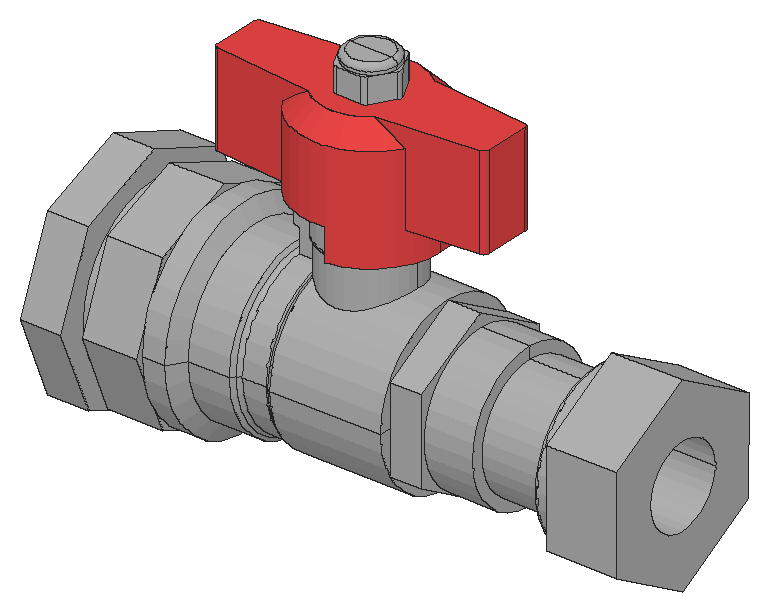
Revit family "QD40350000", category Apparecchi idraulici, Revit 2016
Family settings
  Tipo di parte = Normale
  Quota connettore circolare = Usa diametro
  Numero OmniClass = 23.45.00.00
  Titolo OmniClass = Sanitary, Laundry, and Cleaning Equipment
  Basato su piano di lavoro = No
  Sempre verticale = Sì
  Taglio con vuoti quando caricato = No
  Condiviso = No
  Punto di calcolo locali = No
Parameters
  Produttore = "CIMBERIO SPA"
  Modello = "Cim 283NR"
  DN Model [instance] = QD40353139 : QD40353139
  DN [instance] = 15 mm
  Commenti sul tipo = "https://web.cimberio.it/index.php/figura/279?subcategoria_id=43550"
Reference planes
  plane 1 "Centro (Fronte/Retro)": y = 0
  plane 2: z = 0
  plane 3 "Centro (Sinistra/Destra)": x = 0
Dimensions and locks
  aligned and locked: level to plane 2
Nested families
  nested 1: "QD40353139" at (0, 0, 0), type <- "DN Model", type "QD40353139"
  nested 2: "QD40353139" at (0, 0, 0), type <- "DN Model", type "QD40353139"
  nested 3: "QD40353139" at (0, 0, 0), type <- "DN Model", type "QD40353139"
  nested 4: "QD40353139" at (0, 0, 0), type <- "DN Model", type "QD40353139"
Connectors
  piping at (57.3, 0, 0), diameter 15, driven by "DN"
    settings: on nested 1, index 1, connector inside diameter 609.6 mm, connector length 0 mm, flow factor 0, pipe flow 0.0 L/s, pressure drop 0.0 Pa, fitting loss kfactor 0, connector angle 0.00°, fixture units 0, engagement length 0 mm, angle of deflection 0.00°, flow configuration 0, flow direction 0, fitting loss method 0, system type 7, joint type 0, gender type 0, connector reference index -1, connector utility 0, adjustable connector no, is connector primary yes, connector description ""
  piping at (-47.388, 0, 0), diameter 15, driven by "DN"
    settings: on nested 1, index 2, connector inside diameter 609.6 mm, connector length 0 mm, flow factor 0, pipe flow 0.0 L/s, pressure drop 0.0 Pa, fitting loss kfactor 0, connector angle 0.00°, fixture units 0, engagement length 0 mm, angle of deflection 0.00°, flow configuration 0, flow direction 0, fitting loss method 0, system type 7, joint type 0, gender type 0, connector reference index -1, connector utility 0, adjustable connector no, is connector primary no, connector description ""
Definition of nested family "QD40353139"
  Parameters (values of type "QD40353139")
    Model = "QD40403139"
    DN [instance] = "3/4\""
  Reference planes
    plane 1 "Centro (Fronte/Retro)": y = 0
    plane 2: z = 0
    plane 3 "Centro (Sinistra/Destra)": x = 0
  Forms (mm)
    Revolve 1, solid
      sketch origin (0, 0, 0) x (1, 0, 0) y (0, 0, 1)
        loop
          line (0.063, 27.3) -> (0.063, 11.623) -> (8.5, 11.623) -> (8.5, 21)
          arc (8.5, 21) -> (8.863, 21.294) -> (9, 21.742) r 0.8
          line (9, 21.742) -> (9, 27.3) -> (0.063, 27.3)
        axis (0.063, 11.623) -> (0.063, 27.3)
      angle from 0 to 360
    Revolve 2, solid
      sketch origin (0, 0, 0) x (1, 0, 0) y (0, 0, 1)
        loop
          line (0, 30.531) -> (-6.985, 30.531) -> (-6.985, 27.3) -> (0, 27.3) -> (0, 30.531)
        axis (0, 30.531) -> (0, 27.3)
      angle from 0 to 360
    Revolve 3, solid
      sketch origin (0, 0, 0) x (1, 0, 0) y (0, 0, 1)
        loop
          line (0, 45.8) -> (-9.25, 45.8) -> (-12.882, 42.168) -> (-12.882, 22.875) -> (-7.25, 22.875) -> (-7.25, 38.318) -> (0, 38.318) -> (0, 45.8)
        axis (0, 45.8) -> (0, 22.875)
      angle from 0 to 360
    Revolve 4, solid
      sketch origin (0, 0, 0) x (1, 0, 0) y (0, 0, 1)
        loop
          line (0, 51.8) -> (0, 50.016) -> (4.75, 50.016) -> (4.75, 50.8)
          arc (4.75, 50.8) -> (4.457, 51.507) -> (3.75, 51.8) r 1
          line (3.75, 51.8) -> (0, 51.8)
        axis (0, 51.8) -> (0, 50.016)
      angle from 0 to 360
    Extrusion 5, solid
      sketch origin (0, 0, 28.55) x (0.998808, 0.048819, 0) y (-0.048819, 0.998808, 0)
        loop
          line (5.501, 0.127) -> (3.472, 4.287)
          arc (3.472, 4.287) -> (3.145, 4.663) -> (2.674, 4.825) r 0.962
          line (2.674, 4.825) -> (-1.937, 5.147)
          arc (-1.937, 5.147) -> (-2.461, 5.045) -> (-2.864, 4.695) r 1.032
          line (-2.864, 4.695) -> (-5.424, 0.899)
          arc (-5.424, 0.899) -> (-5.599, 0.392) -> (-5.496, -0.136) r 1.038
          line (-5.496, -0.136) -> (-3.479, -4.272)
          arc (-3.479, -4.272) -> (-3.142, -4.659) -> (-2.657, -4.826) r 0.991
          line (-2.657, -4.826) -> (1.958, -5.149)
          arc (1.958, -5.149) -> (2.463, -5.05) -> (2.852, -4.713) r 0.994
          line (2.852, -4.713) -> (5.429, -0.891)
          arc (5.429, -0.891) -> (5.601, -0.392) -> (5.501, 0.127) r 1.021
      from 17.25 to 21.75
    Extrusion 6, void
      sketch origin (0, 0, 28.55) x (1, 0, 0) y (0, 1, 0)
        loop
          line (-8.367, 1.5) -> (-14.411, 1.5)
          arc (-14.411, 1.5) -> (-10.156, -10.334) -> (1.75, -14.383) r 14.489
          line (1.75, -14.383) -> (1.75, -8.318)
          arc (1.75, -8.318) -> (-5.92, -6.1) -> (-8.367, 1.5) r 8.5
      from -6.445 to 0.25
    Extrusion 7, solid
      sketch origin (0, 0, 28.55) x (1, 0, 0) y (0, 1, 0)
        loop
          line (-25, 4.095) -> (-25, -4.095)
          arc (-25, -4.095) -> (-24.741, -4.766) -> (-24.099, -5.09) r 1
          line (-24.099, -5.09) -> (0, -7.495) -> (24.099, -5.09)
          arc (24.099, -5.09) -> (24.741, -4.766) -> (25, -4.095) r 1
          line (25, -4.095) -> (25, 4.095)
          arc (25, 4.095) -> (24.741, 4.766) -> (24.099, 5.09) r 1
          line (24.099, 5.09) -> (0, 7.495) -> (-24.099, 5.09)
          arc (-24.099, 5.09) -> (-24.741, 4.766) -> (-25, 4.095) r 1
      from 0.25 to 17.25
    Revolve 8, solid
      sketch origin (0, 0, 0) x (1, 0, 0) y (0, 0, 1)
        loop
          line (41.881, 11.1) -> (29.1, 11.1) -> (29.1, 7.5) -> (41.881, 7.5) -> (41.881, 11.1)
        axis (29.1, 0) -> (41.881, 0)
      angle from 0 to 360
    Revolve 9, solid
      sketch origin (14.1, 0, 0) x (1, 0, 0) y (0, 0, 1)
        loop
          arc (28.2, 14.75) -> (27.846, 14.604) -> (27.7, 14.25) r 0.5
          line (27.7, 14.25) -> (27.7, 7.5) -> (30.262, 7.5) -> (30.262, 14.75) -> (28.2, 14.75)
        axis (27.7, 0) -> (30.262, 0)
      angle from 0 to 360
    Extrusion 10, solid
      sketch origin (10, 0, 0) x (0, 1, 0) y (0, 0, 1)
        loop
          circle (0, 0) r 7.5
        loop
          line (0, 17.4) -> (-15.069, 8.7) -> (-15.069, -8.7) -> (0, -17.4) -> (15.069, -8.7) -> (15.069, 8.7) -> (0, 17.4)
      from 34.3 to 47.3
    Extrusion 11, solid
      sketch origin (0, 0, 0) x (1, 0, 0) y (0, 0, 1)
        loop
          line (-13, 26.395) -> (-13, 19.375) -> (-12, 18.798) -> (-12, 10.345) -> (-7.86, 10.345) -> (-7.86, 26.395) -> (-13, 26.395)
      from -1.5 to 1.5
    Revolve 12, solid
      sketch origin (0, 0, 0) x (1, 0, 0) y (0, 1, 0)
        loop
          line (-27, 7.5) -> (14.1, 7.5) -> (14.1, 15.5) -> (-6.215, 15.5) -> (-6.893, 15.108)
          arc (-6.893, 15.108) -> (-7.229, 14.844) -> (-7.646, 14.75) r 0.971
          line (-7.646, 14.75) -> (-11.943, 14.75)
          arc (-11.943, 14.75) -> (-12.437, 14.887) -> (-12.799, 15.25) r 1
          line (-12.799, 15.25) -> (-13.232, 16) -> (-21, 16) -> (-22.732, 19) -> (-27, 19) -> (-27, 7.5)
        axis (-27, 0) -> (14.1, 0)
      angle from 0 to 360
    Extrusion 13, solid
      sketch origin (0, 0, 0) x (0, 1, 0) y (0, 0, 1)
        loop
          circle (0, 0) r 7.5
        loop
          line (0, 15.5) -> (-13.423, 7.75) -> (-13.423, -7.75) -> (0, -15.5) -> (13.423, -7.75) -> (13.423, 7.75) -> (0, 15.5)
      from 14.1 to 20.1
    Extrusion 14, solid
      sketch origin (-11, 0, 0) x (0, 0, 1) y (0, 1, 0)
        loop
          circle (0, 0) r 7.5
        loop
          line (20.15, 0) -> (14.248, 14.248) -> (0, 20.15) -> (-14.248, 14.248) -> (-20.15, 0) -> (-14.248, -14.248) -> (0, -20.15) -> (14.248, -14.248) -> (20.15, 0)
      from 16 to 26
    Revolve 15, solid
      sketch origin (0, 0, 0) x (1, 0, 0) y (0, 0, 1)
        loop
          line (-39.888, 16.5) -> (-39.888, 7.5) -> (-37, 7.5) -> (-37, 16.5) -> (-39.888, 16.5)
        axis (-39.888, 0) -> (-37, 0)
      angle from 0 to 360
    Extrusion 16, solid
      sketch origin (-11, 0, 0) x (0, 0, 1) y (0, 1, 0)
        loop
          circle (0, 0) r 7.5
        loop
          line (21.45, 0) -> (15.167, 15.167) -> (0, 21.45) -> (-15.167, 15.167) -> (-21.45, 0) -> (-15.167, -15.167) -> (0, -21.45) -> (15.167, -15.167) -> (21.45, 0)
      from 28.888 to 36.388
    Revolve 17, solid
      sketch origin (0, 0, 0) x (1, 0, 0) y (0, 0, 1)
        loop
          line (20.1, 13.125) -> (20.1, 7.5) -> (29.143, 7.5) -> (29.143, 13.125) -> (20.1, 13.125)
        axis (20.1, 0) -> (29.143, 0)
      angle from 0 to 360
  Cuts and joins
    Extrusion 6 cuts Revolve 3
    joined: Revolve 3, Extrusion 7
  Dimensions and locks
    aligned and locked: level to plane 2
